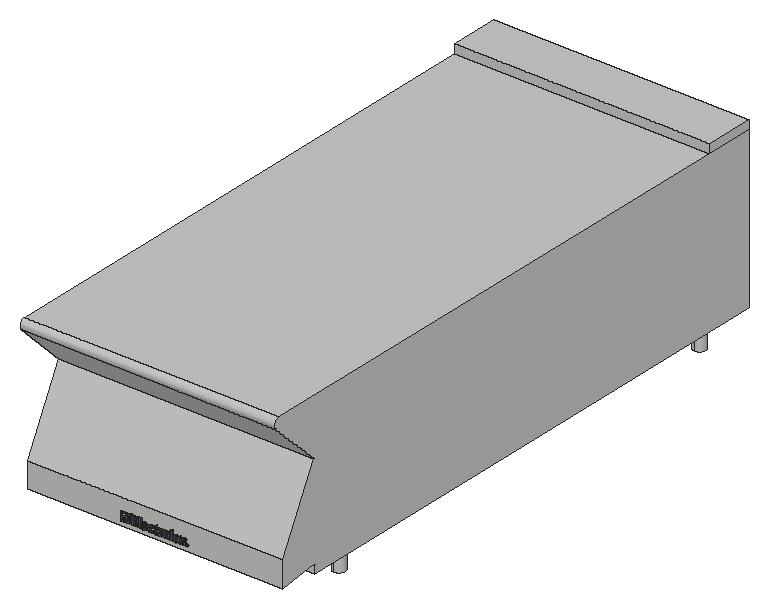
Revit family "QF_ELECTROLUXPROFESSIONAL_391545_E9SSAGAOMCE", category Specialty Equipment, Revit 2018
Family settings
  Round Connector Dimension = Use Diameter
  Part Type = Normal
  Work Plane-Based = No
  Always vertical = Yes
  Cut with Voids When Loaded = No
  Shared = No
  Room Calculation Point = No
Parameters (values of type "Standard")
  Weight = 20.00 kg
  Watts = 0 W
  Volts = 0 V
  URL Manufacturer = "http://professional.electrolux.com"
  URL = "http://professional.electrolux.com"
  Steam Supply Size = 0"
  Steam Supply Minimum Pressure = 0.00 psi
  Steam Supply Maximum Pressure = 0.00 psi
  Steam Pounds per Hour = 0
  Show Logo [instance] = yes
  Refrigeration Suction Line Size = 0 mm
  Refrigeration Liquid Line Size = 0 mm
  Refrigerant Compressor Remote = yes
  Phase = 0
  Model = "E9SSAGAOMCE"
  Manufacturer = "Electrolux Professional"
  Length Actual = 400 mm  # constant formula
  Item Number = "391545"
  Hot Water Size = 0"
  Height Actual = 250 mm  # constant formula
  HP = "0 HP"
  Gas Size = 0"
  Gas KW = 0
  Gas Input Pressure = 0.0 Btu/h
  Direct Waste Size = 0"
  Description = "WORKTOP 400 MM 3 MM WORKTOP"
  Depth Actual = 930 mm  # constant formula
  Cycle = 0 Hz
  Condensate Return Size = 0"
  Compressed Air Volume = 0 GPM
  Compressed Air Size = 0"
  Compressed Air Pressure = 0.00 psi
  Cold Water Size = 0"
  Accessory = yes
Reference planes
  plane 1 "BACK": y = 0
  plane 2: z = 0
  plane 3 "LEFT": x = 0
  plane 4 "RIGHT": x = 400
  plane 5 "FRONT": y = -930
  plane 6 "TOP": z = 274.638
  plane 7 "Center Y": x = 200
  plane 8 "Center X": y = -465
  plane 9: z = 24
  plane 10: z = 289
  plane 11: y = -82
  plane 12: y = -790
Forms (mm)
  Extrusion 1, solid, material "QF_Finishes_Stainless Steel"
    sketch origin (0, 0, 0) x (0, 1, 0) y (0, 0, 1)
      loop
        line (0, 24) -> (0, 274.637) -> (-921.37, 274.638)
        arc (-921.37, 274.638) -> (-929.343, 269.31) -> (-927.472, 259.906) r 8.63
        line (-927.472, 259.906) -> (-853.91, 186.343) -> (-914.833, 70.673) -> (-914.833, 30.491) -> (-855.71, 38.8)
        arc (-855.71, 38.8) -> (-853.185, 38.052) -> (-852.093, 35.656) r 3.175
        line (-852.093, 35.656) -> (-852.093, 24) -> (0, 24)
    from 0 to 400
  Extrusion 2, solid, material "QF_Finishes_Stainless Steel"
    sketch origin (0, -199.871, 0) x (1, 0, 0) y (0, 1, 0)
      loop
        circle (11.112, 117.871) r 9.525
      loop
        circle (388.888, 117.871) r 9.525
      loop
        circle (11.112, -590.129) r 9.525
      loop
        circle (388.888, -590.129) r 9.525
    from 0 to 23.812
  Extrusion 3, solid, material "QF_Finishes_Stainless Steel"
    sketch origin (0, -199.871, 0) x (0, 1, 0) y (0, 0, 1)
      loop
        line (199.871, 274.638) -> (199.871, 289) -> (123.671, 289) -> (123.671, 274.638) -> (199.871, 274.638)
    from 0 to 400
  Extrusion 4, solid, material "QF_Finishes_Navy Blue", visible <- "Show Logo"
    sketch origin (0, -914.833, 30.491) x (0, 0, 1) y (-1, 0, 0)
      loop
        line (21.086, -155.668) -> (8.72, -155.668)
        arc (8.72, -155.668) -> (14.903, -160.239) -> (21.086, -155.668) r 6.467
      loop
        arc (21.086, -155.039) -> (19.917, -149.896) -> (15.261, -147.418) r 6.338
        line (15.261, -147.418) -> (15.261, -149.464)
        arc (15.261, -149.464) -> (16.745, -153.119) -> (20.191, -155.039) r 5.941
        line (20.191, -155.039) -> (21.086, -155.039)
      loop
        arc (9.615, -155.039) -> (13.061, -153.119) -> (14.544, -149.464) r 5.941
        line (14.544, -149.464) -> (14.544, -147.418)
        arc (14.544, -147.418) -> (9.85, -149.892) -> (8.561, -155.039) r 6.504
        line (8.561, -155.039) -> (9.615, -155.039)
      loop
        line (21.761, -146.949) -> (8.017, -146.949) -> (8.017, -160.711) -> (21.761, -160.711) -> (21.761, -146.949)
      loop
        arc (21.845, -163.679) -> (21.497, -163.322) -> (21.13, -163.659) r 0.358
        arc (21.13, -163.659) -> (20.816, -164.41) -> (20.099, -164.794) r 1.216
        line (20.099, -164.794) -> (9.686, -164.794)
        arc (9.686, -164.794) -> (9.026, -164.517) -> (8.63, -163.921) r 1.238
        arc (8.63, -163.921) -> (8.236, -163.67) -> (7.93, -164.024) r 0.358
        line (7.93, -164.024) -> (7.93, -173.903) -> (10.681, -173.903) -> (10.681, -173.005)
        arc (10.681, -173.005) -> (9.772, -172.426) -> (9.316, -171.448) r 1.928
        line (9.316, -171.448) -> (9.316, -168.949)
        arc (9.316, -168.949) -> (9.592, -168.221) -> (10.281, -167.857) r 1.101
        line (10.281, -167.857) -> (14.367, -167.857) -> (14.367, -171.53)
        arc (14.367, -171.53) -> (14.014, -172.027) -> (13.449, -172.255) r 1.083
        arc (13.449, -172.255) -> (13.186, -172.56) -> (13.478, -172.838) r 0.292
        line (13.478, -172.838) -> (16.44, -172.838)
        arc (16.44, -172.838) -> (16.743, -172.566) -> (16.504, -172.236) r 0.305
        arc (16.504, -172.236) -> (16.014, -171.987) -> (15.709, -171.53) r 1.083
        line (15.709, -171.53) -> (15.709, -167.857) -> (20.386, -167.857) -> (20.386, -171.604)
        arc (20.386, -171.604) -> (20.172, -172.359) -> (19.565, -172.858) r 1.314
        arc (19.565, -172.858) -> (19.346, -173.262) -> (19.7, -173.554) r 0.361
        line (19.7, -173.554) -> (21.845, -173.554) -> (21.845, -163.679)
      loop
        arc (21.127, -174.335) -> (20.747, -175.253) -> (19.828, -175.634) r 1.299
        line (19.828, -175.634) -> (10.249, -175.634)
        arc (10.249, -175.634) -> (9.412, -175.256) -> (9.14, -174.378) r 1.118
        line (9.14, -174.378) -> (7.93, -174.378) -> (7.93, -179.727) -> (9.119, -179.727)
        arc (9.119, -179.727) -> (9.39, -178.811) -> (10.26, -178.414) r 1.153
        line (10.26, -178.414) -> (22.332, -178.414) -> (21.127, -174.335)
      loop
        line (12.895, -182.364) -> (12.895, -188.811) -> (13.694, -188.811)
        arc (13.694, -188.811) -> (16.275, -187.826) -> (17.543, -185.373) r 3.874
        line (17.543, -185.373) -> (17.543, -183.612)
        arc (17.543, -183.612) -> (16.357, -180.748) -> (13.492, -179.561) r 4.051
        line (13.492, -179.561) -> (11.484, -179.561)
        arc (11.484, -179.561) -> (8.666, -181.046) -> (7.614, -184.053) r 4.352
        arc (7.614, -184.053) -> (7.978, -186.517) -> (9.356, -188.591) r 5.713
        line (9.356, -188.591) -> (10.305, -188.591)
        arc (10.305, -188.591) -> (9.572, -187.022) -> (9.356, -185.304) r 5.579
        arc (9.356, -185.304) -> (10.15, -183.34) -> (12.029, -182.364) r 3.057
        line (12.029, -182.364) -> (12.895, -182.364)
      loop
        line (14.154, -182.364) -> (14.154, -185.946)
        arc (14.154, -185.946) -> (15.611, -185.993) -> (16.494, -184.833) r 1.59
        line (16.494, -184.833) -> (16.494, -184.004)
        arc (16.494, -184.004) -> (15.63, -182.748) -> (14.154, -182.364) r 2.184
      loop
        arc (16.945, -198.229) -> (17.434, -196.555) -> (17.592, -194.818) r 9.023
        line (17.592, -194.818) -> (17.592, -193.455)
        arc (17.592, -193.455) -> (16.432, -190.656) -> (13.633, -189.496) r 3.959
        line (13.633, -189.496) -> (11.032, -189.496)
        arc (11.032, -189.496) -> (8.751, -190.789) -> (7.633, -193.162) r 4.331
        line (7.633, -193.162) -> (7.633, -195.297)
        arc (7.633, -195.297) -> (8.141, -196.847) -> (9.063, -198.192) r 5.772
        arc (9.063, -198.192) -> (9.825, -198.243) -> (9.911, -197.485) r 0.553
        arc (9.911, -197.485) -> (9.523, -196.751) -> (9.389, -195.932) r 2.573
        line (9.389, -195.932) -> (9.389, -194.416)
        arc (9.389, -194.416) -> (10.395, -192.775) -> (12.21, -192.132) r 2.884
        line (12.21, -192.132) -> (13.489, -192.132)
        arc (13.489, -192.132) -> (15.31, -192.692) -> (16.236, -194.357) r 2.554
        line (16.236, -194.357) -> (16.236, -195.411)
        arc (16.236, -195.411) -> (15.905, -196.339) -> (15.248, -197.074) r 2.564
        arc (15.248, -197.074) -> (15.026, -197.791) -> (15.636, -198.229) r 0.643
        line (15.636, -198.229) -> (16.945, -198.229)
      loop
        line (15.927, -198.499) -> (15.927, -200) -> (9.879, -200)
        arc (9.879, -200) -> (8.291, -200.658) -> (7.633, -202.246) r 2.246
        line (7.633, -202.246) -> (7.633, -203.829)
        arc (7.633, -203.829) -> (7.947, -204.694) -> (8.448, -205.466) r 4.06
        arc (8.448, -205.466) -> (9.18, -205.598) -> (9.431, -204.898) r 0.576
        arc (9.431, -204.898) -> (9.325, -204.372) -> (9.389, -203.839) r 1.69
        arc (9.389, -203.839) -> (9.931, -203.052) -> (10.837, -202.748) r 1.506
        line (10.837, -202.748) -> (15.975, -202.748) -> (15.975, -205.146) -> (16.532, -205.702) -> (17.353, -205.702) -> (17.353, -202.842) -> (20.585, -202.842) -> (15.927, -198.499)
      loop
        line (7.851, -206.599) -> (7.851, -211.986) -> (8.961, -211.986)
        arc (8.961, -211.986) -> (9.355, -211.035) -> (10.306, -210.641) r 1.345
        line (10.306, -210.641) -> (13.922, -210.641)
        arc (13.922, -210.641) -> (14.686, -211.233) -> (14.976, -212.156) r 1.615
        line (14.976, -212.156) -> (14.976, -213.711) -> (17.532, -214.396) -> (17.532, -213.014) -> (15.589, -210.454) -> (17.469, -210.454) -> (17.185, -207.749)
        arc (17.185, -207.749) -> (16.745, -207.218) -> (16.087, -207.419) r 0.621
        arc (16.087, -207.419) -> (15.686, -207.762) -> (15.192, -207.944) r 1.501
        line (15.192, -207.944) -> (10.306, -207.944)
        arc (10.306, -207.944) -> (9.355, -207.55) -> (8.961, -206.599) r 1.345
        line (8.961, -206.599) -> (7.851, -206.599)
      loop
        line (13.952, -213.934) -> (11.26, -213.934)
        arc (11.26, -213.934) -> (8.815, -215.241) -> (7.681, -217.772) r 4.288
        arc (7.681, -217.772) -> (7.617, -219.152) -> (7.681, -220.533) r 15.022
        arc (7.681, -220.533) -> (8.815, -223.063) -> (11.26, -224.371) r 4.288
        line (11.26, -224.371) -> (13.952, -224.371)
        arc (13.952, -224.371) -> (16.398, -223.063) -> (17.532, -220.533) r 4.288
        arc (17.532, -220.533) -> (17.595, -219.152) -> (17.532, -217.772) r 15.022
        arc (17.532, -217.772) -> (16.398, -215.241) -> (13.952, -213.934) r 4.288
      loop
        line (14.157, -217.048) -> (11.056, -217.048)
        arc (11.056, -217.048) -> (8.899, -219.205) -> (11.056, -221.362) r 2.157
        line (11.056, -221.362) -> (14.157, -221.362)
        arc (14.157, -221.362) -> (16.314, -219.205) -> (14.157, -217.048) r 2.157
      loop
        arc (21.138, -224.229) -> (20.768, -225.123) -> (19.874, -225.493) r 1.264
        line (19.874, -225.493) -> (10.009, -225.493)
        arc (10.009, -225.493) -> (9.139, -225.097) -> (8.868, -224.18) r 1.153
        line (8.868, -224.18) -> (7.93, -224.18) -> (7.93, -229.289) -> (8.858, -229.289)
        arc (8.858, -229.289) -> (9.218, -228.516) -> (10.009, -228.202) r 1.153
        line (10.009, -228.202) -> (22.332, -228.202) -> (21.138, -224.229)
      loop
        arc (16.258, -228.826) -> (16.059, -229.89) -> (15.09, -230.373) r 1.215
        line (15.09, -230.373) -> (10.07, -230.373)
        arc (10.07, -230.373) -> (8.455, -231.02) -> (7.735, -232.603) r 2.338
        line (7.735, -232.603) -> (7.735, -234.117)
        arc (7.735, -234.117) -> (7.909, -235.121) -> (8.412, -236.008) r 2.979
        line (8.412, -236.008) -> (7.93, -237.804) -> (7.93, -239.493) -> (17.356, -239.493) -> (17.062, -235.29) -> (16.275, -235.29)
        arc (16.275, -235.29) -> (15.92, -236.125) -> (15.167, -236.634) r 1.605
        line (15.167, -236.634) -> (10.064, -236.634)
        arc (10.064, -236.634) -> (9.644, -235.698) -> (9.571, -234.673) r 2.94
        arc (9.571, -234.673) -> (10.132, -233.573) -> (11.286, -233.13) r 1.724
        line (11.286, -233.13) -> (17.482, -233.13) -> (16.258, -228.826)
      loop
        line (17.287, -240.346) -> (15.614, -242.392) -> (12.44, -244.698) -> (8.984, -241.586)
        arc (8.984, -241.586) -> (8.747, -241.193) -> (8.769, -240.734) r 0.789
        line (8.769, -240.734) -> (7.93, -240.734) -> (7.93, -244.279) -> (8.756, -244.279)
        arc (8.756, -244.279) -> (9.099, -243.916) -> (9.589, -244.008) r 0.52
        line (9.589, -244.008) -> (11.389, -245.48) -> (9.27, -246.855)
        arc (9.27, -246.855) -> (8.869, -246.545) -> (8.782, -246.046) r 0.7
        line (8.782, -246.046) -> (7.93, -246.046) -> (7.93, -251.973) -> (8.817, -251.973)
        arc (8.817, -251.973) -> (8.884, -251.314) -> (9.279, -250.782) r 1.247
        line (9.279, -250.782) -> (13.478, -247.501) -> (15.925, -249.555) -> (17.287, -251.297) -> (17.287, -247.573) -> (15.801, -247.995) -> (14.28, -246.719) -> (15.98, -245.528) -> (17.287, -246.305) -> (17.287, -240.346)
    from 0 to 1.644
Lines and regions (mm)
  symbolic lines
    curve 1: line (0, -930, 0) -> (400, -930, 0)
    curve 2: line (0, 0, 0) -> (0, -930, 0)
    curve 3: line (400, 0, 0) -> (0, 0, 0)
    curve 4: line (400, -930, 0) -> (400, 0, 0)
    curve 5: line (0, -76.2, 0) -> (400, -76.2, 0)
    curve 6: line (0, -923.65, 0) -> (400, -923.65, 0)
Dimensions and locks
  equal spacing: plane 3 "LEFT", plane 7 "Center Y", plane 4 "RIGHT"
  plane 3 "LEFT" to plane 4 "RIGHT" = 400 mm
  equal spacing: plane 5 "FRONT", plane 8 "Center X", plane 1 "BACK"
  plane 5 "FRONT" to plane 1 "BACK" = 930 mm
  plane 10 to level = 289 mm
  plane 9 to level = 24 mm
  Extrusion 1 to plane 9 = 250.637 mm
  plane 9 to plane 2 = 24 mm
  plane 11 to plane 1 "BACK" = 82 mm
  plane 12 to plane 11 = 708 mm
  Extrusion 1 to plane 12 = 124.833 mm
  Extrusion 1 to plane 1 "BACK" = 914.833 mm
  aligned and locked: level to plane 2
  aligned and locked: Extrusion 3 to Extrusion 1
Automatic sketch dimensions
  curve 5 to plane 3 "LEFT" = 0 mm
  plane 1 "BACK" to curve 2 = 0 mm
  curve 6 to plane 4 "RIGHT" = 0 mm
  curve 5 to curve 3 = 76.2 mm
  curve 6 to plane 5 "FRONT" = 6.35 mm
  curve 2 to curve 6 = 6.35 mm
  Extrusion 2 sketch curve to Extrusion 2 sketch curve = 0 mm  (x8)
  plane 3 "LEFT" to Extrusion 2 sketch curve = 11.112 mm  (x2)
  Extrusion 2 sketch curve to plane 4 "RIGHT" = 11.112 mm  (x2)
  Extrusion 2 sketch curve to plane 8 "Center X" = 334.525 mm  (x2)
  Extrusion 2 sketch curve to Extrusion 2 sketch curve = 9.525 mm  (x4)
  plane 1 "BACK" to Extrusion 2 sketch curve = 91.525 mm  (x2)
  Extrusion 3 sketch curve to plane 6 "TOP" = 0 mm
  plane 1 "BACK" to Extrusion 3 sketch curve = 0 mm
  Extrusion 3 sketch curve to plane 10 = 0 mm
  plane 1 "BACK" to Extrusion 3 sketch curve = 76.2 mm
  Extrusion 1 sketch curve to plane 6 "TOP" = 0 mm
  Extrusion 1 sketch curve to plane 9 = 0 mm
  Extrusion 1 sketch curve to plane 1 "BACK" = 0 mm
  plane 9 to Extrusion 1 sketch curve = 11.656 mm
  Extrusion 1 sketch curve to plane 12 = 62.093 mm
  Extrusion 1 sketch curve to plane 12 = 63.91 mm
  Extrusion 1 sketch curve to Extrusion 1 sketch curve = 3.175 mm
  Extrusion 1 sketch curve to Extrusion 1 sketch curve = 0.442 mm
  Extrusion 1 sketch curve to plane 5 "FRONT" = 15.167 mm
  Extrusion 1 sketch curve to plane 5 "FRONT" = 8.63 mm
  Extrusion 1 sketch curve to plane 5 "FRONT" = 2.528 mm
  plane 9 to Extrusion 1 sketch curve = 6.491 mm
  Extrusion 1 sketch curve to Extrusion 1 sketch curve = 40.183 mm
  Extrusion 1 sketch curve to plane 6 "TOP" = 88.295 mm
  Extrusion 1 sketch curve to plane 6 "TOP" = 14.732 mm
  Extrusion 4 sketch curve to Extrusion 1 = 2.573 mm
  Extrusion 4 sketch curve to Extrusion 1 = 7.614 mm
  Extrusion 4 sketch curve to Extrusion 1 = 7.633 mm  (x2)
  Extrusion 4 sketch curve to Extrusion 4 sketch curve = 5.108 mm  (x2)
  Extrusion 4 sketch curve to Extrusion 4 sketch curve = 0 mm  (x27)
  Extrusion 4 sketch curve to Extrusion 1 = 7.735 mm
  Extrusion 4 sketch curve to Extrusion 4 sketch curve = 0.218 mm
  Extrusion 4 sketch curve to Extrusion 4 sketch curve = 0.195 mm
  Extrusion 4 sketch curve to Extrusion 4 sketch curve = 0.249 mm
  Extrusion 4 sketch curve to Extrusion 1 = 7.93 mm
  Extrusion 4 sketch curve to Extrusion 4 sketch curve = 0.087 mm
  Extrusion 4 sketch curve to Extrusion 4 sketch curve = 0.358 mm
  Extrusion 4 sketch curve to Extrusion 4 sketch curve = 0.481 mm
  Extrusion 4 sketch curve to Extrusion 4 sketch curve = 0.597 mm
  Extrusion 4 sketch curve to Extrusion 4 sketch curve = 0.544 mm
  Extrusion 4 sketch curve to Extrusion 4 sketch curve = 0.936 mm
  Extrusion 4 sketch curve to Extrusion 4 sketch curve = 0.594 mm
  Extrusion 4 sketch curve to Extrusion 4 sketch curve = 0.343 mm
  Extrusion 4 sketch curve to Extrusion 4 sketch curve = 0.159 mm
  Extrusion 4 sketch curve to Extrusion 4 sketch curve = 0.826 mm
  Extrusion 4 sketch curve to Extrusion 4 sketch curve = 0.839 mm
  Extrusion 4 sketch curve to Extrusion 4 sketch curve = 0.852 mm
  Extrusion 4 sketch curve to Extrusion 4 sketch curve = 0.887 mm
  Extrusion 4 sketch curve to Extrusion 4 sketch curve = 0.928 mm
  Extrusion 4 sketch curve to Extrusion 4 sketch curve = 0.938 mm
  Extrusion 4 sketch curve to Extrusion 4 sketch curve = 0.444 mm
  Extrusion 4 sketch curve to Extrusion 4 sketch curve = 1.11 mm  (x3)
  Extrusion 4 sketch curve to Extrusion 4 sketch curve = 0.215 mm
  Extrusion 4 sketch curve to Extrusion 4 sketch curve = 1.43 mm
  Extrusion 4 sketch curve to Extrusion 4 sketch curve = 1.188 mm
  Extrusion 4 sketch curve to Extrusion 4 sketch curve = 1.21 mm  (x2)
  Extrusion 4 sketch curve to Extrusion 4 sketch curve = 0.503 mm
  Extrusion 4 sketch curve to Extrusion 4 sketch curve = 0.488 mm
  Extrusion 4 sketch curve to Extrusion 4 sketch curve = 0.462 mm
  Extrusion 4 sketch curve to Extrusion 4 sketch curve = 1.386 mm
  Extrusion 4 sketch curve to Extrusion 4 sketch curve = 1.742 mm  (x2)
  Extrusion 4 sketch curve to Extrusion 4 sketch curve = 0.821 mm
  Extrusion 4 sketch curve to Extrusion 4 sketch curve = 0.497 mm
  Extrusion 4 sketch curve to Extrusion 4 sketch curve = 0.539 mm
  Extrusion 4 sketch curve to Extrusion 4 sketch curve = 0.686 mm
  Extrusion 4 sketch curve to Extrusion 4 sketch curve = 0.408 mm
  Extrusion 4 sketch curve to Extrusion 4 sketch curve = 0.743 mm
  Extrusion 4 sketch curve to Extrusion 4 sketch curve = 1.16 mm
  Extrusion 4 sketch curve to Extrusion 4 sketch curve = 0.329 mm
  Extrusion 4 sketch curve to Extrusion 4 sketch curve = 1.054 mm
  Extrusion 4 sketch curve to Extrusion 4 sketch curve = 1.056 mm
  Extrusion 4 sketch curve to Extrusion 4 sketch curve = 0.129 mm
  Extrusion 4 sketch curve to Extrusion 4 sketch curve = 0.489 mm
  Extrusion 4 sketch curve to Extrusion 4 sketch curve = 0.441 mm
  Extrusion 4 sketch curve to Extrusion 4 sketch curve = 1.151 mm
  Extrusion 4 sketch curve to Extrusion 4 sketch curve = 1.141 mm  (x2)
  Extrusion 4 sketch curve to Extrusion 4 sketch curve = 0.768 mm
  Extrusion 4 sketch curve to Extrusion 4 sketch curve = 1.653 mm
  Extrusion 4 sketch curve to Extrusion 4 sketch curve = 0.499 mm
  Extrusion 4 sketch curve to Extrusion 4 sketch curve = 0.964 mm
  Extrusion 4 sketch curve to Extrusion 4 sketch curve = 0.949 mm
  Extrusion 4 sketch curve to Extrusion 4 sketch curve = 1.345 mm  (x3)
  Extrusion 4 sketch curve to Extrusion 4 sketch curve = 1.101 mm
  Extrusion 4 sketch curve to Extrusion 4 sketch curve = 0.432 mm
  Extrusion 4 sketch curve to Extrusion 4 sketch curve = 1.142 mm
  Extrusion 4 sketch curve to Extrusion 4 sketch curve = 0.959 mm
  Extrusion 4 sketch curve to Extrusion 4 sketch curve = 0.176 mm
  Extrusion 4 sketch curve to Extrusion 4 sketch curve = 0.728 mm
  Extrusion 4 sketch curve to Extrusion 4 sketch curve = 3.375 mm  (x2)
  Extrusion 4 sketch curve to Extrusion 4 sketch curve = 0.541 mm
  Extrusion 4 sketch curve to Extrusion 4 sketch curve = 0.955 mm
  Extrusion 4 sketch curve to Extrusion 4 sketch curve = 1.251 mm
  Extrusion 4 sketch curve to Extrusion 4 sketch curve = 0.572 mm
  Extrusion 4 sketch curve to Extrusion 4 sketch curve = 1.92 mm
  Extrusion 4 sketch curve to Extrusion 4 sketch curve = 1.224 mm
  Extrusion 4 sketch curve to Extrusion 4 sketch curve = 0.745 mm
  Extrusion 4 sketch curve to Extrusion 4 sketch curve = 2.537 mm
  Extrusion 4 sketch curve to Extrusion 4 sketch curve = 0.896 mm  (x3)
  Extrusion 4 sketch curve to Extrusion 4 sketch curve = 0.036 mm
  Extrusion 4 sketch curve to Extrusion 4 sketch curve = 2.607 mm
  Extrusion 4 sketch curve to Extrusion 4 sketch curve = 0.066 mm
  Extrusion 4 sketch curve to Extrusion 4 sketch curve = 0.248 mm
  Extrusion 4 sketch curve to Extrusion 4 sketch curve = 0.449 mm
  Extrusion 4 sketch curve to Extrusion 4 sketch curve = 1.052 mm
  Extrusion 4 sketch curve to Extrusion 4 sketch curve = 1.863 mm
  Extrusion 4 sketch curve to Extrusion 4 sketch curve = 1.31 mm  (x2)
  Extrusion 4 sketch curve to Extrusion 4 sketch curve = 0.901 mm
  Extrusion 4 sketch curve to Extrusion 4 sketch curve = 1.107 mm
  Extrusion 4 sketch curve to Extrusion 4 sketch curve = 2.122 mm
  Extrusion 4 sketch curve to Extrusion 4 sketch curve = 2.101 mm
  Extrusion 4 sketch curve to Extrusion 4 sketch curve = 0.106 mm
  Extrusion 4 sketch curve to Extrusion 4 sketch curve = 0.029 mm
  Extrusion 4 sketch curve to Extrusion 4 sketch curve = 2.09 mm
  Extrusion 4 sketch curve to Extrusion 4 sketch curve = 1.279 mm
  Extrusion 4 sketch curve to Extrusion 4 sketch curve = 2.008 mm
  Extrusion 4 sketch curve to Extrusion 4 sketch curve = 0.738 mm
  Extrusion 4 sketch curve to Extrusion 4 sketch curve = 0.382 mm
  Extrusion 4 sketch curve to Extrusion 4 sketch curve = 0.384 mm
  Extrusion 4 sketch curve to Extrusion 4 sketch curve = 0.002 mm
  Extrusion 4 sketch curve to Extrusion 4 sketch curve = 0.561 mm
  Extrusion 4 sketch curve to Extrusion 4 sketch curve = 0.592 mm
  Extrusion 4 sketch curve to Extrusion 4 sketch curve = 2.692 mm
  Extrusion 4 sketch curve to Extrusion 4 sketch curve = 1.259 mm
  Extrusion 4 sketch curve to Extrusion 4 sketch curve = 0.802 mm
  Extrusion 4 sketch curve to Extrusion 4 sketch curve = 1.024 mm  (x2)
  Extrusion 4 sketch curve to Extrusion 4 sketch curve = 0.682 mm
  Extrusion 4 sketch curve to Extrusion 4 sketch curve = 5.934 mm
  Extrusion 4 sketch curve to Extrusion 4 sketch curve = 2.186 mm
  Extrusion 4 sketch curve to Extrusion 4 sketch curve = 0.337 mm
  Extrusion 4 sketch curve to Extrusion 4 sketch curve = 0.021 mm
  Extrusion 4 sketch curve to Extrusion 4 sketch curve = 1.005 mm
  Extrusion 4 sketch curve to Extrusion 4 sketch curve = 0.552 mm
  Extrusion 4 sketch curve to Extrusion 4 sketch curve = 0.778 mm
  Extrusion 4 sketch curve to Extrusion 4 sketch curve = 0.063 mm
  Extrusion 4 sketch curve to Extrusion 4 sketch curve = 1.023 mm
  Extrusion 4 sketch curve to Extrusion 4 sketch curve = 3.804 mm
  Extrusion 4 sketch curve to Extrusion 4 sketch curve = 0.486 mm
  Extrusion 4 sketch curve to Extrusion 4 sketch curve = 0.266 mm
  Extrusion 4 sketch curve to Extrusion 4 sketch curve = 1.547 mm
  Extrusion 4 sketch curve to Extrusion 4 sketch curve = 0.717 mm  (x2)
  Extrusion 4 sketch curve to Extrusion 4 sketch curve = 1.667 mm
  Extrusion 4 sketch curve to Extrusion 4 sketch curve = 3.174 mm
  Extrusion 4 sketch curve to Extrusion 4 sketch curve = 0.388 mm
  Extrusion 4 sketch curve to Extrusion 4 sketch curve = 1.342 mm
  Extrusion 4 sketch curve to Extrusion 4 sketch curve = 1.521 mm
  Extrusion 4 sketch curve to Extrusion 4 sketch curve = 0.124 mm
  Extrusion 4 sketch curve to Extrusion 4 sketch curve = 0.291 mm
  Extrusion 4 sketch curve to Extrusion 4 sketch curve = 1.049 mm  (x2)
  Extrusion 4 sketch curve to Extrusion 4 sketch curve = 1.7 mm
  Extrusion 4 sketch curve to Extrusion 4 sketch curve = 0.894 mm
  Extrusion 4 sketch curve to Extrusion 4 sketch curve = 0.989 mm
  Extrusion 4 sketch curve to Extrusion 4 sketch curve = 1.168 mm
  Extrusion 4 sketch curve to Extrusion 4 sketch curve = 1.594 mm
  Extrusion 4 sketch curve to Extrusion 4 sketch curve = 0.731 mm
  Extrusion 4 sketch curve to Extrusion 4 sketch curve = 1.566 mm
  Extrusion 4 sketch curve to Extrusion 4 sketch curve = 0.064 mm
  Extrusion 4 sketch curve to Extrusion 4 sketch curve = 0.556 mm  (x2)
  Extrusion 4 sketch curve to Extrusion 4 sketch curve = 0.48 mm
  Extrusion 4 sketch curve to Extrusion 4 sketch curve = 1.018 mm
  Extrusion 4 sketch curve to Extrusion 4 sketch curve = 0.787 mm
  Extrusion 4 sketch curve to Extrusion 4 sketch curve = 0.618 mm
  Extrusion 4 sketch curve to Extrusion 4 sketch curve = 1.672 mm
  Extrusion 4 sketch curve to Extrusion 4 sketch curve = 1.361 mm
  Extrusion 4 sketch curve to Extrusion 4 sketch curve = 0.822 mm
  Extrusion 4 sketch curve to Extrusion 4 sketch curve = 0.069 mm
  Extrusion 4 sketch curve to Extrusion 4 sketch curve = 1.88 mm
  Extrusion 4 sketch curve to Extrusion 4 sketch curve = 0.42 mm
  Extrusion 4 sketch curve to Extrusion 4 sketch curve = 0.062 mm
  Extrusion 4 sketch curve to Extrusion 4 sketch curve = 1.355 mm
  Extrusion 4 sketch curve to Extrusion 4 sketch curve = 2.34 mm
  Extrusion 4 sketch curve to Extrusion 4 sketch curve = 0.493 mm
  Extrusion 4 sketch curve to Extrusion 4 sketch curve = 0.136 mm
  Extrusion 4 sketch curve to Extrusion 4 sketch curve = 0.128 mm
  Extrusion 4 sketch curve to Extrusion 4 sketch curve = 3.616 mm
  Extrusion 4 sketch curve to Extrusion 4 sketch curve = 4.207 mm
  Extrusion 4 sketch curve to Extrusion 4 sketch curve = 0.183 mm
  Extrusion 4 sketch curve to Extrusion 4 sketch curve = 0.895 mm
  Extrusion 4 sketch curve to Extrusion 4 sketch curve = 1.314 mm
  Extrusion 4 sketch curve to Extrusion 4 sketch curve = 3.231 mm
  Extrusion 4 sketch curve to Extrusion 4 sketch curve = 1.299 mm
  Extrusion 4 sketch curve to Extrusion 4 sketch curve = 1.214 mm
  Extrusion 4 sketch curve to Extrusion 4 sketch curve = 1.264 mm
  Extrusion 4 sketch curve to Extrusion 4 sketch curve = 0.109 mm
  Extrusion 4 sketch curve to Extrusion 4 sketch curve = 0.357 mm
  Extrusion 4 sketch curve to Extrusion 4 sketch curve = 0.565 mm
  Extrusion 4 sketch curve to Extrusion 4 sketch curve = 2.504 mm
  Extrusion 4 sketch curve to Extrusion 4 sketch curve = 2.459 mm
  Extrusion 1 to Extrusion 4 sketch curve = 251.973 mm
  Extrusion 4 sketch curve to Extrusion 4 sketch curve = 0.208 mm
  Extrusion 4 sketch curve to Extrusion 4 sketch curve = 0.468 mm  (x2)
  Extrusion 4 sketch curve to Extrusion 4 sketch curve = 1.559 mm
  Extrusion 4 sketch curve to Extrusion 4 sketch curve = 0.422 mm  (x2)
  Extrusion 4 sketch curve to Extrusion 4 sketch curve = 0.494 mm
  Extrusion 4 sketch curve to Extrusion 4 sketch curve = 3.927 mm
  Extrusion 4 sketch curve to Extrusion 4 sketch curve = 0.782 mm
  Extrusion 4 sketch curve to Extrusion 4 sketch curve = 1.268 mm
  Extrusion 4 sketch curve to Extrusion 4 sketch curve = 0.671 mm
  Extrusion 4 sketch curve to Extrusion 4 sketch curve = 0.777 mm
  Extrusion 4 sketch curve to Extrusion 4 sketch curve = 0.704 mm
  Extrusion 4 sketch curve to Extrusion 4 sketch curve = 0.781 mm  (x2)
  Extrusion 4 sketch curve to Extrusion 4 sketch curve = 1.634 mm
  Extrusion 4 sketch curve to Extrusion 4 sketch curve = 0.132 mm
  Extrusion 4 sketch curve to Extrusion 4 sketch curve = 3.136 mm
  Extrusion 4 sketch curve to Extrusion 4 sketch curve = 2.422 mm
  Extrusion 4 sketch curve to Extrusion 4 sketch curve = 0.586 mm
  Extrusion 4 sketch curve to Extrusion 4 sketch curve = 2.046 mm  (x2)
  Extrusion 4 sketch curve to Extrusion 4 sketch curve = 1.241 mm
  Extrusion 4 sketch curve to Extrusion 4 sketch curve = 1.689 mm
  Extrusion 4 sketch curve to Extrusion 4 sketch curve = 2.859 mm
  Extrusion 4 sketch curve to Extrusion 4 sketch curve = 0.627 mm
  Extrusion 4 sketch curve to Extrusion 4 sketch curve = 0.863 mm
  Extrusion 4 sketch curve to Extrusion 4 sketch curve = 0.419 mm
  Extrusion 4 sketch curve to Extrusion 4 sketch curve = 1.514 mm
  Extrusion 4 sketch curve to Extrusion 4 sketch curve = 1.019 mm
  Extrusion 4 sketch curve to Extrusion 4 sketch curve = 0.065 mm
  Extrusion 4 sketch curve to Extrusion 4 sketch curve = 1.215 mm
  Extrusion 4 sketch curve to Extrusion 4 sketch curve = 2.708 mm
  Extrusion 4 sketch curve to Extrusion 4 sketch curve = 1.122 mm
  Extrusion 4 sketch curve to Extrusion 4 sketch curve = 1.153 mm
  Extrusion 4 sketch curve to Extrusion 4 sketch curve = 3.009 mm
  Extrusion 4 sketch curve to Extrusion 4 sketch curve = 0.829 mm  (x2)
  Extrusion 4 sketch curve to Extrusion 4 sketch curve = 0.934 mm
  Extrusion 4 sketch curve to Extrusion 4 sketch curve = 3.376 mm
  Extrusion 4 sketch curve to Extrusion 4 sketch curve = 0.222 mm
  Extrusion 4 sketch curve to Extrusion 4 sketch curve = 1.383 mm
  Extrusion 4 sketch curve to Extrusion 4 sketch curve = 1.556 mm
  Extrusion 4 sketch curve to Extrusion 4 sketch curve = 2.559 mm
  Extrusion 4 sketch curve to Extrusion 4 sketch curve = 2.51 mm
  Extrusion 4 sketch curve to Extrusion 4 sketch curve = 0.131 mm
  Extrusion 4 sketch curve to Extrusion 4 sketch curve = 1.717 mm
  Extrusion 4 sketch curve to Extrusion 4 sketch curve = 1.134 mm
  Extrusion 4 sketch curve to Extrusion 4 sketch curve = 0.366 mm
  Extrusion 4 sketch curve to Extrusion 4 sketch curve = 0.094 mm
  Extrusion 4 sketch curve to Extrusion 4 sketch curve = 1.584 mm
  Extrusion 4 sketch curve to Extrusion 4 sketch curve = 1.501 mm
  Extrusion 4 sketch curve to Extrusion 4 sketch curve = 0.27 mm
  Extrusion 4 sketch curve to Extrusion 4 sketch curve = 1.808 mm
  Extrusion 4 sketch curve to Extrusion 4 sketch curve = 0.643 mm
  Extrusion 4 sketch curve to Extrusion 4 sketch curve = 0.916 mm
  Extrusion 4 sketch curve to Extrusion 4 sketch curve = 0.352 mm
  Extrusion 4 sketch curve to Extrusion 4 sketch curve = 0.458 mm
  Extrusion 4 sketch curve to Extrusion 4 sketch curve = 1.282 mm
  Extrusion 4 sketch curve to Extrusion 4 sketch curve = 1.363 mm
  Extrusion 4 sketch curve to Extrusion 4 sketch curve = 0.685 mm
  Extrusion 4 sketch curve to Extrusion 4 sketch curve = 0.905 mm
  Extrusion 4 sketch curve to Extrusion 4 sketch curve = 2.865 mm
  Extrusion 4 sketch curve to Extrusion 4 sketch curve = 0.472 mm
  Extrusion 4 sketch curve to Extrusion 4 sketch curve = 0.101 mm
  Extrusion 4 sketch curve to Extrusion 4 sketch curve = 0.54 mm
  Extrusion 4 sketch curve to Extrusion 4 sketch curve = 0.02 mm
  Extrusion 4 sketch curve to Extrusion 4 sketch curve = 0.582 mm
  Extrusion 4 sketch curve to Extrusion 4 sketch curve = 0.166 mm
  Extrusion 4 sketch curve to Extrusion 4 sketch curve = 0.16 mm
  Extrusion 4 sketch curve to Extrusion 4 sketch curve = 2.781 mm
  Extrusion 4 sketch curve to Extrusion 4 sketch curve = 1.118 mm
  Extrusion 4 sketch curve to Extrusion 4 sketch curve = 0.613 mm
  Extrusion 4 sketch curve to Extrusion 4 sketch curve = 0.361 mm
  Extrusion 4 sketch curve to Extrusion 4 sketch curve = 0.897 mm
  Extrusion 4 sketch curve to Extrusion 4 sketch curve = 0.167 mm
  Extrusion 4 sketch curve to Extrusion 4 sketch curve = 0.292 mm
  Extrusion 4 sketch curve to Extrusion 4 sketch curve = 0.305 mm
  Extrusion 4 sketch curve to Extrusion 4 sketch curve = 1.557 mm
  Extrusion 4 sketch curve to Extrusion 4 sketch curve = 2.499 mm
  Extrusion 4 sketch curve to Extrusion 4 sketch curve = 3.062 mm
  Extrusion 4 sketch curve to Extrusion 4 sketch curve = 2.968 mm
  Extrusion 4 sketch curve to Extrusion 4 sketch curve = 5.044 mm
  Extrusion 4 sketch curve to Extrusion 4 sketch curve = 0.629 mm  (x2)
  Extrusion 4 sketch curve to Extrusion 4 sketch curve = 1.131 mm
  Extrusion 4 sketch curve to Extrusion 4 sketch curve = 0.137 mm
  Extrusion 4 sketch curve to Extrusion 4 sketch curve = 0.027 mm
  Extrusion 4 sketch curve to Extrusion 4 sketch curve = 2.235 mm
